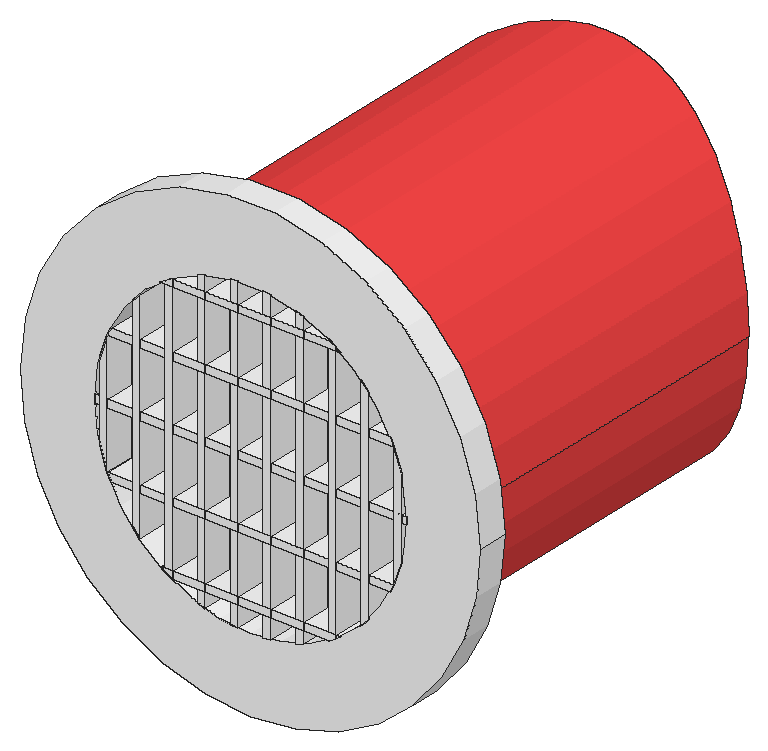
Revit family "SEQ-A3-15.1-Terminal-Round-To-Round", category Mechanical Equipment, Revit 2016
Family settings
  Part Type = Undefined
  Round Connector Dimension = Use Diameter
  Work Plane-Based = No
  Always vertical = Yes
  Cut with Voids When Loaded = No
  Shared = No
  Room Calculation Point = No
Parameters (values of type "Round Terminal 6" Ø")
  WIDTH = (TAP RADIUS * 2) + 0' 1 1/4"  # 0' - 7 1/4"
  TAP RADIUS = 0' - 3"
  SIZE = "16x8"
  REGISTER TYPE [instance] = "SR1"
  MODEL # [instance] = "880H"
  MAIN DUCT MINUS = (DUCT TAP DIAMETER / 2) - 0' 0 1/16"  # 0' - 5 15/16"
  LOCATION [instance] = "DUCT"
  LENGTH FROM DUCT [instance] = 0' - 6"
  HEIGHT = (TAP RADIUS * 2) + 0' 1 1/4"  # 0' - 7 1/4"
  GRILLE-RADIUS VOID = TAP RADIUS - 0' 0 3/8"  # 0' - 2 5/8"
  GRILLE FINISH [instance] = 15.1-REGISTER/ GRILLE
  FUNCTION [instance] = "SUPPLY REGISTER"
  DUCT TYPE [instance] = 15.1-SUPPLY DUCT
  DUCT TAP DIAMETER = 1' - 0"
  DUCT DIAMETER HALF = DUCT TAP DIAMETER / 2  # 0' - 6"
  CFM [instance] = "200"
  CENTER OF DUCT - AFF [instance] = 6' - 0"
Reference planes (in)
  plane 1 "Center F/B": y = 1.97217
  plane 2: z = 0
  plane 3 "Center L/R": x = -1.72008
  plane 4: y = 7.97217
  plane 5: y = -4.02783
  plane 6: z = 78
  plane 7 "CENTER OF DUCT": z = 72
  plane 8: z = 66
  plane 9: x = -9.34508
  plane 10: x = -5.34508
  plane 11: x = 1.90492
  plane 12: x = 5.90492
  plane 13: y = -10.02783
  plane 14: z = 75.625
  plane 15: z = 68.375
  plane 16: y = -10.52783
  plane 17: x = -6.22008
  plane 18: x = 2.77992
  plane 19: z = 76.5
  plane 20: z = 67.5
  plane 21: z = 74.75
  plane 22: x = 1.02992
  plane 23: x = -4.47008
  plane 24: z = 69.25
  plane 25 "Center L/R": x = -1.99508
  plane 26 "Center L/R": x = -2.27008
  plane 27 "Center L/R": x = -2.54508
  plane 28 "Center L/R": x = -2.82008
  plane 29 "Center L/R": x = -3.09508
  plane 30 "Center L/R": x = -3.37008
  plane 31 "Center L/R": x = -3.64508
  plane 32 "Center L/R": x = -3.92008
  plane 33 "Center L/R": x = -4.19508
  plane 34 "Center L/R": x = -1.44508
  plane 35 "Center L/R": x = -1.17008
  plane 36 "Center L/R": x = -0.89508
  plane 37 "Center L/R": x = -0.62008
  plane 38 "Center L/R": x = -0.34508
  plane 39 "Center L/R": x = -0.07008
  plane 40 "Center L/R": x = 0.20492
  plane 41 "Center L/R": x = 0.47992
  plane 42 "Center L/R": x = 0.75492
  plane 43 "CENTER OF DUCT": z = 72.55
  plane 44 "CENTER OF DUCT": z = 73.1
  plane 45 "CENTER OF DUCT": z = 73.65
  plane 46 "CENTER OF DUCT": z = 74.2
  plane 47 "CENTER OF DUCT": z = 71.45
  plane 48 "CENTER OF DUCT": z = 70.9
  plane 49 "CENTER OF DUCT": z = 70.35
  plane 50 "CENTER OF DUCT": z = 69.8
Forms (in)
  Sweep 1, void
    path origin (0, 0, 72) x (0, -1, 0) y (1, 0, 0)
      loop
        line (-1.97217, -9.34508) -> (-1.97217, 5.90492)
    profile origin (-1.72008, 0, 72) x (0, 1, 0) y (0, 0, 1)
      loop
        circle (1.97217, 0) r 5.9375
  Sweep 2, solid, material "15.1-SUPPLY DUCT" <- "DUCT TYPE"
    path origin (0, 0, 0) x (1, 0, 0) y (0, 1, 0)
      loop
        line (-1.72008, 1.97217) -> (-1.72008, -10.02783)
    profile origin (0, -4.02783, 0) x (1, 0, 0) y (0, 0, 1)
      loop
        circle (-1.72008, 72.0625) r 3
      loop
        circle (-1.72008, 72.0625) r 3.125
  Sweep 3, solid, material "15.1-REGISTER/ GRILLE" <- "GRILLE FINISH"
    path origin (0, 0, 0) x (1, 0, 0) y (0, 1, 0)
      loop
        line (-6.22008, -10.02783) -> (-6.22008, -10.52783)
    profile origin (0, -10.27783, 0) x (1, 0, 0) y (0, 0, 1)
      loop
        circle (-1.72008, 72) r 3.875
      loop
        circle (-1.72008, 72) r 2.625
  Sweep 4, solid, material "15.1-REGISTER/ GRILLE" <- "GRILLE FINISH"
    path origin (0, -10.02783, 0) x (1, 0, 0) y (0, 0, 1)
      loop
        line (-5.34508, 72) -> (1.90492, 72)
    profile origin (-1.72008, -10.02783, 0) x (0, 0, 1) y (0, -1, 0)
      loop
        line (72.0625, 0) -> (72.0625, 0.5) -> (71.9375, 0.5) -> (71.9375, 0) -> (72.0625, 0)
  Sweep 5, solid, material "15.1-REGISTER/ GRILLE" <- "GRILLE FINISH"
    path origin (-0.75, -14.02783, 0) x (1, 0, 0) y (0, 0, 1)
      loop
        line (-1.24508, 69.25) -> (-1.24508, 74.75)
    profile origin (0, -14.02783, 72) x (-1, 0, 0) y (0, -1, 0)
      loop
        line (2.05758, -4) -> (2.05758, -3.5) -> (1.93258, -3.5) -> (1.93258, -4) -> (2.05758, -4)
  Sweep 6, solid, material "15.1-REGISTER/ GRILLE" <- "GRILLE FINISH"
    path origin (-2.25, -14.02783, 0) x (1, 0, 0) y (0, 0, 1)
      loop
        line (-0.29508, 69.25) -> (-0.29508, 74.75)
    profile origin (0, -14.02783, 72) x (-1, 0, 0) y (0, -1, 0)
      loop
        line (2.60758, -4) -> (2.60758, -3.5) -> (2.48258, -3.5) -> (2.48258, -4) -> (2.60758, -4)
  Sweep 7, solid, material "15.1-REGISTER/ GRILLE" <- "GRILLE FINISH"
    path origin (-3.75, -14.02783, 0) x (1, 0, 0) y (0, 0, 1)
      loop
        line (0.65492, 69.25) -> (0.65492, 74.75)
    profile origin (0, -14.02783, 72) x (-1, 0, 0) y (0, -1, 0)
      loop
        line (3.15758, -4) -> (3.15758, -3.5) -> (3.03258, -3.5) -> (3.03258, -4) -> (3.15758, -4)
  Sweep 8, solid, material "15.1-REGISTER/ GRILLE" <- "GRILLE FINISH"
    path origin (-5.25, -14.02783, 0) x (1, 0, 0) y (0, 0, 1)
      loop
        line (1.60492, 69.25) -> (1.60492, 74.75)
    profile origin (0, -14.02783, 72) x (-1, 0, 0) y (0, -1, 0)
      loop
        line (3.70758, -4) -> (3.70758, -3.5) -> (3.58258, -3.5) -> (3.58258, -4) -> (3.70758, -4)
  Sweep 9, solid, material "15.1-REGISTER/ GRILLE" <- "GRILLE FINISH"
    path origin (-6.75, -14.02783, 0) x (1, 0, 0) y (0, 0, 1)
      loop
        line (2.55492, 69.25) -> (2.55492, 74.75)
    profile origin (0, -14.02783, 72) x (-1, 0, 0) y (0, -1, 0)
      loop
        line (4.25758, -4) -> (4.25758, -3.5) -> (4.13258, -3.5) -> (4.13258, -4) -> (4.25758, -4)
  Sweep 10, solid, material "15.1-REGISTER/ GRILLE" <- "GRILLE FINISH"
    path origin (-2.69017, -14.02783, 0) x (-1, 0, 0) y (0, 0, -1)
      loop
        line (-1.24508, -69.25) -> (-1.24508, -74.75)
    profile origin (0, -14.02783, 72) x (-1, 0, 0) y (0, -1, 0)
      loop
        line (1.38258, -4) -> (1.50758, -4) -> (1.50758, -3.5) -> (1.38258, -3.5) -> (1.38258, -4)
  Sweep 11, solid, material "15.1-REGISTER/ GRILLE" <- "GRILLE FINISH"
    path origin (-1.19017, -14.02783, 0) x (-1, 0, 0) y (0, 0, -1)
      loop
        line (-0.29508, -69.25) -> (-0.29508, -74.75)
    profile origin (0, -14.02783, 72) x (-1, 0, 0) y (0, -1, 0)
      loop
        line (0.83258, -4) -> (0.95758, -4) -> (0.95758, -3.5) -> (0.83258, -3.5) -> (0.83258, -4)
  Sweep 12, solid, material "15.1-REGISTER/ GRILLE" <- "GRILLE FINISH"
    path origin (0.30983, -14.02783, 0) x (-1, 0, 0) y (0, 0, -1)
      loop
        line (0.65492, -69.25) -> (0.65492, -74.75)
    profile origin (0, -14.02783, 72) x (-1, 0, 0) y (0, -1, 0)
      loop
        line (0.28258, -4) -> (0.40758, -4) -> (0.40758, -3.5) -> (0.28258, -3.5) -> (0.28258, -4)
  Sweep 13, solid, material "15.1-REGISTER/ GRILLE" <- "GRILLE FINISH"
    path origin (1.80983, -14.02783, 0) x (-1, 0, 0) y (0, 0, -1)
      loop
        line (1.60492, -69.25) -> (1.60492, -74.75)
    profile origin (0, -14.02783, 72) x (-1, 0, 0) y (0, -1, 0)
      loop
        line (-0.26742, -4) -> (-0.14242, -4) -> (-0.14242, -3.5) -> (-0.26742, -3.5) -> (-0.26742, -4)
  Sweep 14, solid, material "15.1-REGISTER/ GRILLE" <- "GRILLE FINISH"
    path origin (3.30983, -14.02783, 0) x (-1, 0, 0) y (0, 0, -1)
      loop
        line (2.55492, -69.25) -> (2.55492, -74.75)
    profile origin (0, -14.02783, 72) x (-1, 0, 0) y (0, -1, 0)
      loop
        line (-0.81742, -4) -> (-0.69242, -4) -> (-0.69242, -3.5) -> (-0.81742, -3.5) -> (-0.81742, -4)
  Sweep 15, solid, material "15.1-REGISTER/ GRILLE" <- "GRILLE FINISH"
    path origin (0, -14.02783, 1.5) x (1, 0, 0) y (0, 0, 1)
      loop
        line (-4.47008, 71.6) -> (1.02992, 71.6)
    profile origin (-1.72008, -14.02783, 0) x (0, 0, 1) y (0, -1, 0)
      loop
        line (73.1625, -4) -> (73.1625, -3.5) -> (73.0375, -3.5) -> (73.0375, -4) -> (73.1625, -4)
  Sweep 16, solid, material "15.1-REGISTER/ GRILLE" <- "GRILLE FINISH"
    path origin (0, -14.02783, 3) x (1, 0, 0) y (0, 0, 1)
      loop
        line (-4.47008, 71.2) -> (1.02992, 71.2)
    profile origin (-1.72008, -14.02783, 0) x (0, 0, 1) y (0, -1, 0)
      loop
        line (74.2625, -4) -> (74.2625, -3.5) -> (74.1375, -3.5) -> (74.1375, -4) -> (74.2625, -4)
  Sweep 17, solid, material "15.1-REGISTER/ GRILLE" <- "GRILLE FINISH"
    path origin (0, -14.02783, -1.5) x (1, 0, 0) y (0, 0, 1)
      loop
        line (-4.47008, 72.4) -> (1.02992, 72.4)
    profile origin (-1.72008, -14.02783, 0) x (0, 0, 1) y (0, -1, 0)
      loop
        line (70.9625, -4) -> (70.9625, -3.5) -> (70.8375, -3.5) -> (70.8375, -4) -> (70.9625, -4)
  Sweep 18, solid, material "15.1-REGISTER/ GRILLE" <- "GRILLE FINISH"
    path origin (0, -14.02783, -3) x (1, 0, 0) y (0, 0, 1)
      loop
        line (-4.47008, 72.8) -> (1.02992, 72.8)
    profile origin (-1.72008, -14.02783, 0) x (0, 0, 1) y (0, -1, 0)
      loop
        line (69.8625, -4) -> (69.8625, -3.5) -> (69.7375, -3.5) -> (69.7375, -4) -> (69.8625, -4)
  Sweep 19, void
    path origin (0, 0, 0) x (1, 0, 0) y (0, 1, 0)
      loop
        line (-1.72008, -6.02783) -> (-1.72008, -10.52783)
    profile origin (0, -8.27783, 0) x (1, 0, 0) y (0, 0, 1)
      loop
        circle (-1.72008, 72) r 2.625
      loop
        circle (-1.72008, 72) r 5.625
Cuts and joins
  Sweep 1 cuts Sweep 2
  Sweep 19 cuts Sweep 4
  Sweep 19 cuts Sweep 5
  Sweep 19 cuts Sweep 6
  Sweep 19 cuts Sweep 7
  Sweep 19 cuts Sweep 8
  Sweep 19 cuts Sweep 9
  Sweep 19 cuts Sweep 10
  Sweep 19 cuts Sweep 11
  Sweep 19 cuts Sweep 12
  Sweep 19 cuts Sweep 13
  Sweep 19 cuts Sweep 14
  Sweep 19 cuts Sweep 15
  Sweep 19 cuts Sweep 16
  Sweep 19 cuts Sweep 17
  Sweep 19 cuts Sweep 18
Lines and regions (in)
  symbolic lines, style "InvisibleLines"
    curve 1: line (-1.72008, 0, 72) -> (-1.72008, 0, 0)
  symbolic lines, style "REGISTER/ GRILLE"
    curve 2: line (1.90492, -10.02783, 0) -> (-5.34508, -10.02783, 0)
    curve 3: line (-5.59508, -10.02783, 0) -> (2.15492, -10.02783, 0)
    curve 4: line (-5.59508, -10.52783, 0) -> (2.15492, -10.52783, 0)
    curve 5: line (2.15492, -10.52783, 0) -> (2.15492, -10.02783, 0)
    curve 6: line (-5.59508, -10.02783, 0) -> (-5.59508, -10.52783, 0)
  symbolic lines, style "TAP"
    curve 7: line (-5.34508, -10.02783, 0) -> (1.90492, -10.02783, 0)
    curve 8: line (-4.72008, -4.02783, 0) -> (1.27992, -4.02783, 0)
    curve 9: line (-4.72008, -10.02783, 0) -> (-4.72008, -4.02783, 0)
    curve 10: line (1.27992, -4.02783, 0) -> (1.27992, -10.02783, 0)
Dimensions and locks (in)
  equal spacing: plane 5, plane 1 "Center F/B", plane 4
  "DUCT DIAMETER HALF": plane 6 to plane 7 "CENTER OF DUCT"
  equal spacing: plane 6, plane 7 "CENTER OF DUCT", plane 8
  "DUCT TAP DIAMETER": plane 5 to plane 4
  "CENTER OF DUCT - AFF": plane 7 "CENTER OF DUCT" to plane 2
  locked: plane 11 to plane 12 at 4
  equal spacing: plane 10, plane 3 "Center L/R", plane 11
  locked: plane 9 to plane 10 at 4
  "LENGTH FROM DUCT": plane 13 to plane 5
  "WIDTH": plane 10 to plane 11
  equal spacing: plane 14, plane 7 "CENTER OF DUCT", plane 15
  "HEIGHT": plane 14 to plane 15
  plane 16 to plane 13 = 0' - 0 1/2"
  locked: plane 17 to plane 10 at 0.875
  locked: plane 11 to plane 18 at 0.875
  locked: plane 15 to plane 20 at 0.875
  locked: plane 19 to plane 14 at 0.875
  Sweep 4 sketch curve to plane 7 "CENTER OF DUCT" to Sweep 4 sketch curve = 0' - 0 1/16" locked, 0' - 0 1/16" locked
  plane 14 to plane 21 = 0' - 0 7/8"
  plane 24 to plane 15 = 0' - 0 7/8"
  plane 22 to plane 11 = 0' - 0 7/8"
  plane 10 to plane 23 = 0' - 0 7/8"
  plane 23 to plane 3 "Center L/R" = 0' - 2 3/4"
  Sweep 5 sketch curve to profile plane to Sweep 5 sketch curve = 0' - 0 1/16", 0' - 0 1/16"
  Sweep 6 sketch curve to profile plane to Sweep 6 sketch curve = 0' - 0 1/16", 0' - 0 1/16"
  Sweep 7 sketch curve to profile plane to Sweep 7 sketch curve = 0' - 0 1/16", 0' - 0 1/16"
  Sweep 8 sketch curve to profile plane to Sweep 8 sketch curve = 0' - 0 1/16", 0' - 0 1/16"
  Sweep 9 sketch curve to profile plane to Sweep 9 sketch curve = 0' - 0 1/16", 0' - 0 1/16"
  equal spacing: plane 3 "Center L/R", plane 25 "Center L/R", plane 26 "Center L/R", plane 27 "Center L/R", plane 28 "Center L/R", plane 29 "Center L/R", plane 30 "Center L/R", plane 31 "Center L/R", plane 32 "Center L/R", plane 33 "Center L/R", plane 23
  Sweep 10 sketch curve to profile plane to Sweep 10 sketch curve = 0' - 0 1/16", 0' - 0 1/16"
  Sweep 11 sketch curve to profile plane to Sweep 11 sketch curve = 0' - 0 1/16", 0' - 0 1/16"
  Sweep 12 sketch curve to profile plane to Sweep 12 sketch curve = 0' - 0 1/16", 0' - 0 1/16"
  Sweep 13 sketch curve to profile plane to Sweep 13 sketch curve = 0' - 0 1/16", 0' - 0 1/16"
  Sweep 14 sketch curve to profile plane to Sweep 14 sketch curve = 0' - 0 1/16", 0' - 0 1/16"
  equal spacing: plane 3 "Center L/R", plane 34 "Center L/R", plane 35 "Center L/R", plane 36 "Center L/R", plane 37 "Center L/R", plane 38 "Center L/R", plane 39 "Center L/R", plane 40 "Center L/R", plane 41 "Center L/R", plane 42 "Center L/R", plane 22
  Sweep 15 sketch curve to plane 44 "CENTER OF DUCT" to Sweep 15 sketch curve = 0' - 0 1/16" locked, 0' - 0 1/16" locked
  Sweep 16 sketch curve to plane 46 "CENTER OF DUCT" to Sweep 16 sketch curve = 0' - 0 1/16" locked, 0' - 0 1/16" locked
  equal spacing: plane 21, plane 46 "CENTER OF DUCT", plane 45 "CENTER OF DUCT", plane 44 "CENTER OF DUCT", plane 43 "CENTER OF DUCT", plane 7 "CENTER OF DUCT"
  Sweep 17 sketch curve to plane 48 "CENTER OF DUCT" to Sweep 17 sketch curve = 0' - 0 1/16" locked, 0' - 0 1/16" locked
  Sweep 18 sketch curve to plane 50 "CENTER OF DUCT" to Sweep 18 sketch curve = 0' - 0 1/16" locked, 0' - 0 1/16" locked
  equal spacing: plane 7 "CENTER OF DUCT", plane 47 "CENTER OF DUCT", plane 48 "CENTER OF DUCT", plane 49 "CENTER OF DUCT", plane 50 "CENTER OF DUCT", plane 24
  locked: Sweep 3 sketch curve to Sweep 3 sketch curve at 1.25
  locked: Sweep 19 sketch curve to plane 5 at 2
  "MAIN DUCT MINUS": radius of Sweep 1 sketch curve
  "TAP RADIUS": radius of Sweep 2 sketch curve
  "GRILLE-RADIUS VOID": radius of Sweep 19 sketch curve
  "GRILLE-RADIUS VOID": radius of Sweep 3 sketch curve
  aligned and locked: plane 2 to curve 1
  aligned and locked: curve 2 to plane 13
  aligned and locked: Sweep 1 sketch curve to plane 1 "Center F/B"
  aligned and locked: plane 1 "Center F/B" to Sweep 2 sketch curve
  aligned and locked: curve 2 to Sweep 2 sketch curve
  aligned and locked: Sweep 2 sketch curve to plane 3 "Center L/R"
  aligned and locked: plane 13 to Sweep 3 sketch curve
  aligned and locked: plane 17 to Sweep 3 sketch curve
  aligned and locked: curve 3 to Sweep 3
  aligned and locked: plane 7 "CENTER OF DUCT" to Sweep 4 sketch curve
  aligned and locked: Sweep 4 sketch curve to Sweep 3
  aligned and locked: Sweep 3 to Sweep 4 sketch curve
  aligned and locked: plane 25 "Center L/R" to Sweep 5 sketch curve
  aligned and locked: plane 27 "Center L/R" to Sweep 6 sketch curve
  aligned and locked: plane 29 "Center L/R" to Sweep 7 sketch curve
  aligned and locked: plane 31 "Center L/R" to Sweep 8 sketch curve
  aligned and locked: plane 33 "Center L/R" to Sweep 9 sketch curve
  aligned and locked: Sweep 10 sketch curve to plane 34 "Center L/R"
  aligned and locked: Sweep 11 sketch curve to plane 36 "Center L/R"
  aligned and locked: Sweep 12 sketch curve to plane 38 "Center L/R"
  aligned and locked: Sweep 13 sketch curve to plane 40 "Center L/R"
  aligned and locked: Sweep 14 sketch curve to plane 42 "Center L/R"
  aligned and locked: plane 44 "CENTER OF DUCT" to Sweep 15 sketch curve
  aligned and locked: plane 46 "CENTER OF DUCT" to Sweep 16 sketch curve
  aligned and locked: plane 48 "CENTER OF DUCT" to Sweep 17 sketch curve
  aligned and locked: plane 50 "CENTER OF DUCT" to Sweep 18 sketch curve
  aligned and locked: Sweep 3 to Sweep 9 sketch curve
  aligned and locked: Sweep 9 sketch curve to Sweep 3
  aligned and locked: Sweep 3 to Sweep 8 sketch curve
  aligned and locked: Sweep 8 sketch curve to Sweep 3
  aligned and locked: Sweep 3 to Sweep 7 sketch curve
  aligned and locked: Sweep 7 sketch curve to Sweep 3
  aligned and locked: Sweep 3 to Sweep 6 sketch curve
  aligned and locked: Sweep 6 sketch curve to Sweep 3
  aligned and locked: Sweep 3 to Sweep 5 sketch curve
  aligned and locked: Sweep 5 sketch curve to Sweep 3
  aligned and locked: Sweep 10 sketch curve to Sweep 3
  aligned and locked: Sweep 3 to Sweep 10 sketch curve
  aligned and locked: Sweep 11 sketch curve to Sweep 3
  aligned and locked: Sweep 3 to Sweep 11 sketch curve
  aligned and locked: Sweep 12 sketch curve to Sweep 3
  aligned and locked: Sweep 3 to Sweep 12 sketch curve
  aligned and locked: Sweep 13 sketch curve to Sweep 3
  aligned and locked: Sweep 3 to Sweep 13 sketch curve
  aligned and locked: Sweep 14 sketch curve to Sweep 3
  aligned and locked: Sweep 3 to Sweep 14 sketch curve
  aligned and locked: Sweep 3 to Sweep 16 sketch curve
  aligned and locked: Sweep 16 sketch curve to Sweep 3
  aligned and locked: Sweep 3 to Sweep 15 sketch curve
  aligned and locked: Sweep 15 sketch curve to Sweep 3
  aligned and locked: Sweep 3 to Sweep 17 sketch curve
  aligned and locked: Sweep 17 sketch curve to Sweep 3
  aligned and locked: Sweep 3 to Sweep 18 sketch curve
  aligned and locked: Sweep 18 sketch curve to Sweep 3
  aligned and locked: Sweep 19 sketch curve to plane 3 "Center L/R"
  aligned and locked: plane 16 to Sweep 19 sketch curve
  aligned and locked: plane 16 to curve 4
  aligned and locked: curve 5 to Sweep 3
  aligned and locked: plane 10 to Sweep 4 sketch curve
  aligned and locked: plane 11 to Sweep 4 sketch curve
  aligned and locked: plane 5 to curve 8
Automatic sketch dimensions
  curve 1 to plane 3 "Center L/R" = 0' - 0"
  curve 1 to plane 7 "CENTER OF DUCT" = 0' - 0"
  Sweep 1 sketch curve to plane 7 "CENTER OF DUCT" = 0' - 0"
  Sweep 1 sketch curve to profile plane = 0' - 0"
  Sweep 1 sketch curve to plane 9 = 0' - 0"
  Sweep 1 sketch curve to plane 12 = 0' - 0"
  Sweep 3 sketch curve to plane 16 = 0' - 0"
  Sweep 5 sketch curve to plane 24 = 0' - 0"
  Sweep 5 sketch curve to plane 21 = 0' - 0"
  Sweep 6 sketch curve to plane 24 = 0' - 0"
  Sweep 6 sketch curve to plane 21 = 0' - 0"
  Sweep 7 sketch curve to plane 24 = 0' - 0"
  Sweep 7 sketch curve to plane 21 = 0' - 0"
  Sweep 8 sketch curve to plane 24 = 0' - 0"
  Sweep 8 sketch curve to plane 21 = 0' - 0"
  Sweep 9 sketch curve to plane 24 = 0' - 0"
  Sweep 9 sketch curve to plane 21 = 0' - 0"
  Sweep 10 sketch curve to plane 21 = 0' - 0"
  Sweep 10 sketch curve to plane 24 = 0' - 0"
  Sweep 11 sketch curve to plane 21 = 0' - 0"
  Sweep 11 sketch curve to plane 24 = 0' - 0"
  Sweep 12 sketch curve to plane 21 = 0' - 0"
  Sweep 12 sketch curve to plane 24 = 0' - 0"
  Sweep 13 sketch curve to plane 21 = 0' - 0"
  Sweep 13 sketch curve to plane 24 = 0' - 0"
  Sweep 14 sketch curve to plane 21 = 0' - 0"
  Sweep 14 sketch curve to plane 24 = 0' - 0"
  Sweep 15 sketch curve to plane 23 = 0' - 0"
  Sweep 15 sketch curve to plane 22 = 0' - 0"
  Sweep 16 sketch curve to plane 23 = 0' - 0"
  Sweep 16 sketch curve to plane 22 = 0' - 0"
  Sweep 17 sketch curve to plane 23 = 0' - 0"
  Sweep 17 sketch curve to plane 22 = 0' - 0"
  Sweep 18 sketch curve to plane 23 = 0' - 0"
  Sweep 18 sketch curve to plane 22 = 0' - 0"
  curve 2 to plane 10 = 0' - 0"
  curve 7 to plane 11 = 0' - 0"
  plane 10 to curve 6 = 0' - 0 1/4"
  curve 8 to plane 22 = 0' - 0 1/4"
  plane 23 to curve 9 = 0' - 0 1/4"
  Sweep 2 sketch curve to Sweep 2 sketch curve = 0' - 0"  (x2)
  profile plane to Sweep 2 sketch curve = 0' - 0"
  level to Sweep 2 sketch curve = 6' - 0 1/16"
  Sweep 2 sketch curve to Sweep 2 sketch curve = 0' - 0 1/8"
  Sweep 3 sketch curve to Sweep 3 sketch curve = 0' - 0"  (x2)
  Sweep 3 sketch curve to profile plane = 0' - 4 1/2"
  level to Sweep 3 sketch curve = 6' - 0"
  Sweep 19 sketch curve to Sweep 19 sketch curve = 0' - 0"  (x2)
  profile plane to Sweep 19 sketch curve = 0' - 0"
  level to Sweep 19 sketch curve = 6' - 0"
  Sweep 19 sketch curve to Sweep 19 sketch curve = 0' - 3"
